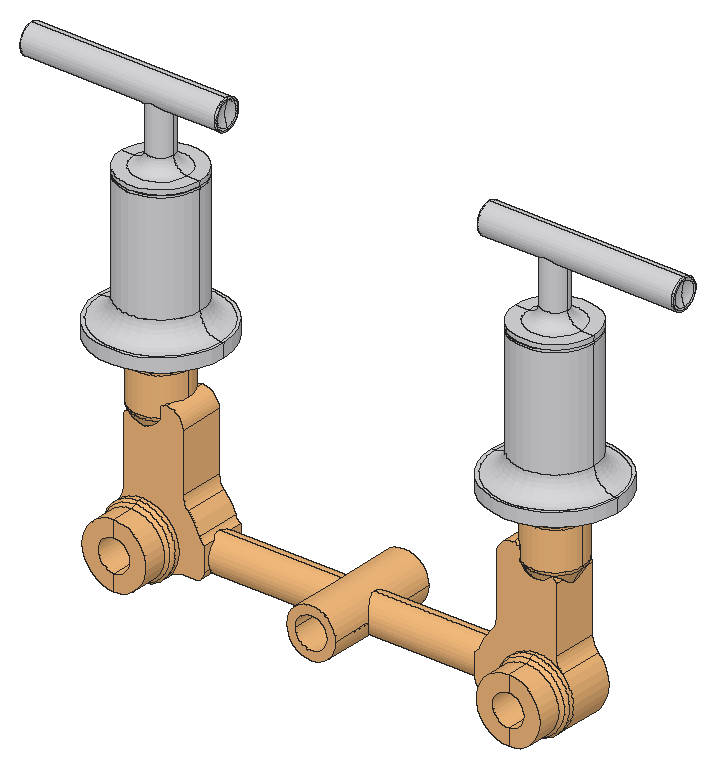
Revit family "Faucet-Handle-KOHLER-Purist-K-11648M_1", category Plumbing Fixtures, host Face, Revit 2017
Family settings
  Host = Face
  Round Connector Dimension = Use Diameter
  Part Type = Normal
  OmniClass Number = 23.31.11.00
  OmniClass Title = Faucets
  Cut with Voids When Loaded = No
  Shared = No
  Room Calculation Point = No
Parameters (values of type "CP-Polished Chrome")
  Width [instance] = Faucet Hole Spacing  # 8.0315"
  WaterSense Certified = 1 = 0  # no
  Waste Water Outlet = "Waste Water Outlet"  # constant formula
  Waste Connection = 1 = 0  # no
  Vent Connection = 1 = 0  # no
  URL = "https://la.kohler.com/es?country=MX"
  Type = 1
  Tempered Water Outlet 2 = "Tempered Water Outlet 2"  # constant formula
  Tempered Water Outlet 1 = "Tempered Water Outlet 1"  # constant formula
  Product Page URL = "https://la.kohler.com/en/product-detail/11648m-4?skuid=K-11648M-4-CP"
  Product Name = "Purist"  # constant formula
  Product Documentation Link = "http://resources.kohler.com/plumbing/kohlerla/pdf/11648T%20Purist%20Spec%20Sheet.pdf"
  Pressure = 0.00 psi
  Model = "K-11648M-4-CP"  # constant formula
  Material = "Premium Metal Construction"  # constant formula
  Master Format 2014 Name = "Residential Faucets, Supplies, and Trim"  # constant formula
  Master Format 2014 = "22 41 39"  # constant formula
  Manufacturer Address = "444 Highland Dr, Kohler, WI 53044"  # constant formula
  Manufacturer = "KOHLER Co."  # constant formula
  Length = 4.76378"  # constant formula
  Hot Water Inlet = "Hot Water Inlet"  # constant formula
  Height = 2.55906"  # constant formula
  Handle Clearance = 2.6378"  # constant formula
  HW Connection = 1 = 1  # yes
  Flow Rate = 0 GPM
  Finish = Kohler-Metal-CP-Polished_Chrome
  Faucet Hole Spacing [instance] = 8.0315"  # constant formula
  Environmental Product Declaration = ""
  Drain Included = 1 = 0  # no
  Description = "Recessed (lever) handle and faucet for 2- handle shower"  # constant formula
  Default Elevation = 36"
  Declare Label = ""
  Date Modified = "10/28/2020"  # constant formula
  Date Created = "10/28/2020"  # constant formula
  Copyright = "Copyright KOHLER Co."  # constant formula
  Contact Us = "https://la.kohler.com/es/contact-us-page"
  Cold Water Inlet = "Cold Water Inlet"  # constant formula
  CW Connection = 1 = 1  # yes
  Assembly Code = "D2010"
  ADA Compliant = 1 = 0  # no
Reference planes (in)
  plane 1 "Center (Front/Back)": y = 0
  plane 2: z = 0
  plane 3 "Center (Left/Right)": x = 0
  plane 4: x = 4.01575
  plane 5: z = 4.76378
  plane 6: x = -4.01575
  plane 7: z = -3.54342
  plane 8: x = 6.65354
  plane 9: x = 2.65445
  plane 10: x = -6.65354
  plane 11: x = -2.66336
  plane 12: y = 1.28
  plane 13: y = -1.27906
  plane 14: z = 0.27
  plane 15: z = 3.062
  plane 16: z = -4.27599
  plane 17: y = 1.169
  plane 18: y = -1.19321
  plane 19: x = 5.29582
  plane 20: x = 2.73567
  plane 21: x = -5.29582
  plane 22: x = -2.73567
  plane 23: x = 4.81589
  plane 24: x = 3.21561
  plane 25: x = -4.81589
  plane 26: x = -3.21561
  plane 27: y = 0.78796
  plane 28: y = -0.81257
Forms (in)
  Revolve 1, void
    sketch origin (0, 0, 0) x (1, 0, 0) y (0, 0, 1)
      loop
        line (-3.37187, 0.04492) -> (-4.01575, 0.04492) -> (-4.01575, -1.13619) -> (-3.37187, -1.13619) -> (-3.37187, 0.04492)
      axis (-4.01575, 0.04492) -> (-4.01575, -1.13619)
    angle from 0 to 360
  Revolve 2, void
    sketch origin (0, 0, 0) x (-1, 0, 0) y (0, 0, 1)
      loop
        line (-3.36303, 0.04492) -> (-4.00691, 0.04492) -> (-4.00691, -1.13619) -> (-3.36303, -1.13619) -> (-3.36303, 0.04492)
      axis (-4.00691, 0.04492) -> (-4.00691, -1.13619)
    angle from 0 to 360
  Extrusion 3, void
    sketch origin (0, 0, 0) x (0, 1, 0) y (0, 0, 1)
      loop
        line (1.2245, -0.90955) -> (-1.233, -0.90955) -> (-1.233, -4.36801) -> (1.2245, -4.36801) -> (1.2245, -0.90955)
    from -4.85944 to 4.90629
Dimensions and locks (in)
  "Length": level to plane 5
  locked: plane 9 to plane 4 at 1.36129
  "Height": plane 13 to plane 12
  "Handle Clearance": plane 10 to plane 6
  "Handle Clearance": plane 4 to plane 8
  "Faucet Hole Spacing": plane 6 to plane 4
  plane 21 to plane 22 = 2.56015"
  plane 20 to plane 19 = 2.56015"
  plane 11 to plane 6 = 1.35239"
  plane 9 to plane 4 = 1.36129"
  aligned and locked: plane 2 to host face
  aligned and locked: level to host face
Automatic sketch dimensions
  host sketch curve to host sketch curve = 96"  (x2)
  Revolve 1 sketch curve to plane 6 = 0"  (x2)
  level to Revolve 1 sketch curve = 0.04492"
  plane 6 to Revolve 1 sketch curve = 0.64388"
  Revolve 1 sketch curve to level = 1.13619"
  Revolve 1 sketch curve to Revolve 1 sketch curve = 0"
  Revolve 1 sketch curve to Revolve 1 sketch curve = 1.1811"
  Revolve 2 sketch curve to plane 4 = 0.00883"
  Revolve 2 sketch curve to level = 0.04492"
  Revolve 2 sketch curve to Revolve 2 sketch curve = 0.64388"
  level to Revolve 2 sketch curve = 1.13619"
  Revolve 2 sketch curve to Revolve 2 sketch curve = 0"  (x2)
  Revolve 2 sketch curve to Revolve 2 sketch curve = 1.1811"
  plane 1 "Center (Front/Back)" to Extrusion 3 sketch curve = 1.233"
  Extrusion 3 sketch curve to plane 1 "Center (Front/Back)" = 1.2245"
  Extrusion 3 sketch curve to plane 7 = 0.82458"
  plane 7 to Extrusion 3 sketch curve = 2.63388"
Nested families (in)
  nested 1: "K-11648M" at (0, -0.0121, 0), type "K-11648M"
Connectors (in)
  piping at (-4.01582, -1.19321, -3.54342), diameter 0.5, driven by "HW Connection", driven by "Hot Water Inlet", driven by "Flow Rate"
    settings: on nested 1, index 1, connector inside diameter 24", connector length 0", flow factor 0, pipe flow 0 GPM, pressure drop 0.00 psi, fitting loss kfactor 0, connector angle 0.00°, fixture units 0, engagement length 0", angle of deflection 0.00°, flow configuration 0, flow direction 1, fitting loss method 0, system type 19, joint type 0, gender type 0, connector reference index -1, connector utility 1, adjustable connector no, is connector primary yes, connector description "Hot Water Inlet"
  piping at (0, -1.19321, -3.54342), diameter 0.5, driven by "HW Connection", driven by "Tempered Water Outlet 2", driven by "Flow Rate"
    settings: on nested 1, index 2, connector inside diameter 24", connector length 0", flow factor 0, pipe flow 0 GPM, pressure drop 0.00 psi, fitting loss kfactor 0, connector angle 0.00°, fixture units 0, engagement length 0", angle of deflection 0.00°, flow configuration 0, flow direction 2, fitting loss method 0, system type 19, joint type 0, gender type 0, connector reference index -1, connector utility 1, adjustable connector no, is connector primary no, connector description "Tempered Water Outlet 2"
  piping at (4.01582, -1.19321, -3.54342), diameter 0.5, driven by "CW Connection", driven by "Cold Water Inlet", driven by "Flow Rate"
    settings: on nested 1, index 3, connector inside diameter 24", connector length 0", flow factor 0, pipe flow 0 GPM, pressure drop 0.00 psi, fitting loss kfactor 0, connector angle 0.00°, fixture units 0, engagement length 0", angle of deflection 0.00°, flow configuration 0, flow direction 1, fitting loss method 0, system type 20, joint type 0, gender type 0, connector reference index -1, connector utility 1, adjustable connector no, is connector primary no, connector description "Cold Water Inlet"
  piping at (0, 1.169, -3.54342), diameter 0.5, driven by "HW Connection", driven by "Tempered Water Outlet 1", driven by "Flow Rate"
    settings: on nested 1, index 4, connector inside diameter 24", connector length 0", flow factor 0, pipe flow 0 GPM, pressure drop 0.00 psi, fitting loss kfactor 0, connector angle 0.00°, fixture units 0, engagement length 0", angle of deflection 0.00°, flow configuration 0, flow direction 2, fitting loss method 0, system type 19, joint type 0, gender type 0, connector reference index -1, connector utility 1, adjustable connector no, is connector primary no, connector description "Tempered Water Outlet 1"
Definition of nested family "K-11648M"
  Parameters (values of type "K-11648M")
    Material = none
  Reference planes (in)
    plane 1 "Center (Front/Back)": y = 0
    plane 2: z = 0
    plane 3 "Center (Left/Right)": x = 0
    plane 4: x = -4.01582
    plane 5: x = 4.01582
    plane 6: z = -3.54342
    plane 7: x = 5.29582
    plane 8: z = 4.76205
    plane 9: x = 6.65362
    plane 10: x = 2.66336
    plane 11: x = -5.29582
    plane 12: x = -6.65362
    plane 13: x = -2.66336
    plane 14: y = -1.28
    plane 15: y = 1.28
  Forms (in)
    Revolve 1, solid
      sketch origin (0, 0, 0) x (1, 0, 0) y (0, 0, 1)
        loop
          line (4.01582, 0) -> (4.01582, -1.67475) -> (4.34812, -1.67475) -> (4.57063, -1.28737)
          arc (4.57063, -1.28737) -> (4.58255, -1.25846) -> (4.58661, -1.22745) r 0.12029
          line (4.58661, -1.22745) -> (4.58661, -0.45154)
          arc (4.58661, -0.45154) -> (4.605, -0.40097) -> (4.65156, -0.37402) r 0.07874
          line (4.65156, -0.37402) -> (4.65156, 0) -> (4.01582, 0)
        axis (4.01582, 0) -> (4.01582, -1.67475)
      angle from 0 to 360
    Extrusion 2, solid
      sketch origin (0, 0, 0) x (1, 0, 0) y (0, 0, 1)
        loop
          arc (4.40945, -1.42001) -> (4.34252, -1.32422) -> (4.22954, -1.35412) r 0.10202
          arc (4.22954, -1.35412) -> (3.98808, -1.4645) -> (3.74914, -1.34876) r 0.31172
          arc (3.74914, -1.34876) -> (3.69291, -1.24208) -> (3.68137, -1.12205) r 0.31172
          arc (3.68137, -1.12205) -> (3.64045, -1.0025) -> (3.52329, -0.95517) r 0.15203
          arc (3.52329, -0.95517) -> (3.2869, -1.05309) -> (3.18898, -1.28948) r 0.33432
          line (3.18898, -1.28948) -> (3.18898, -2.4665)
          arc (3.18898, -2.4665) -> (3.16319, -2.60485) -> (3.08928, -2.72462) r 0.38397
          arc (3.08928, -2.72462) -> (2.95369, -2.90694) -> (2.85612, -3.11215) r 1.16353
          arc (2.85612, -3.11215) -> (2.81549, -3.18468) -> (2.7536, -3.24018) r 0.2537
          line (2.7536, -3.24018) -> (2.7536, -3.72356)
          arc (2.7536, -3.72356) -> (2.81035, -3.86057) -> (2.94736, -3.91732) r 0.19377
          line (2.94736, -3.91732) -> (3.14662, -3.91732)
          arc (3.14662, -3.91732) -> (3.33734, -3.95513) -> (3.49922, -4.06282) r 0.5
          arc (3.49922, -4.06282) -> (4.53682, -4.0584) -> (4.52918, -3.02082) r 0.73256
          arc (4.52918, -3.02082) -> (4.44059, -2.89015) -> (4.40945, -2.73538) r 0.40011
          line (4.40945, -2.73538) -> (4.40945, -1.42001)
      from -0.45276 to 0.45276
    Revolve 3, solid
      sketch origin (4.01582, 0, 0) x (0, 1, 0) y (0, 0, 1)
        loop
          line (-1.1811, -3.86585) -> (-1.1811, -4.19681) -> (-0.72573, -4.19681)
          arc (-0.72573, -4.19681) -> (-0.67247, -4.20918) -> (-0.62787, -4.24083) r 0.14147
          arc (-0.62787, -4.24083) -> (-0.59057, -4.26682) -> (-0.54605, -4.27599) r 0.11279
          line (-0.54605, -4.27599) -> (-0.45276, -4.27599) -> (-0.45276, -3.86585) -> (-1.1811, -3.86585)
        axis (-0.45276, -3.54342) -> (-1.1811, -3.54342)
      angle from 0 to 360
    Revolve 4, solid
      sketch origin (0, 0, 0) x (1, 0, 0) y (0, 0, 1)
        loop
          line (3.14662, -3.54342) -> (0, -3.54342) -> (0, -3.91732) -> (3.14662, -3.91732) -> (3.14662, -3.54342)
        axis (3.14662, -3.54342) -> (0, -3.54342)
      angle from 0 to 360
    Extrusion 5, solid
      sketch origin (0, 0, 0) x (1, 0, 0) y (0, 0, 1)
        loop
          circle (0, -3.54342) r 0.5
      from -1.1811 to 1.1811
    Extrusion 6, void
      sketch origin (0, 0, 0) x (1, 0, 0) y (0, 0, 1)
        loop
          circle (0, -3.54342) r 0.32537
      from -1.82522 to 2.0337
    Revolve 7, solid
      sketch origin (0, 0, 0) x (-1, 0, 0) y (0, 0, 1)
        loop
          line (3.14662, -3.54342) -> (0, -3.54342) -> (0, -3.91732) -> (3.14662, -3.91732) -> (3.14662, -3.54342)
        axis (3.14662, -3.54342) -> (0, -3.54342)
      angle from 0 to 360
    Extrusion 8, solid
      sketch origin (0, 0, 0) x (-1, 0, 0) y (0, 0, -1)
        loop
          line (4.40945, 1.42001) -> (4.40945, 2.73538)
          arc (4.40945, 2.73538) -> (4.44059, 2.89015) -> (4.52918, 3.02082) r 0.40011
          arc (4.52918, 3.02082) -> (4.53682, 4.0584) -> (3.49922, 4.06282) r 0.73256
          arc (3.49922, 4.06282) -> (3.33734, 3.95513) -> (3.14662, 3.91732) r 0.5
          line (3.14662, 3.91732) -> (2.94736, 3.91732)
          arc (2.94736, 3.91732) -> (2.81035, 3.86057) -> (2.7536, 3.72356) r 0.19377
          line (2.7536, 3.72356) -> (2.7536, 3.24018)
          arc (2.7536, 3.24018) -> (2.81549, 3.18468) -> (2.85612, 3.11215) r 0.2537
          arc (2.85612, 3.11215) -> (2.95369, 2.90694) -> (3.08928, 2.72462) r 1.16353
          arc (3.08928, 2.72462) -> (3.16319, 2.60485) -> (3.18898, 2.4665) r 0.38397
          line (3.18898, 2.4665) -> (3.18898, 1.28948)
          arc (3.18898, 1.28948) -> (3.2869, 1.05309) -> (3.52329, 0.95517) r 0.33432
          arc (3.52329, 0.95517) -> (3.64045, 1.0025) -> (3.68137, 1.12205) r 0.15203
          arc (3.68137, 1.12205) -> (3.69291, 1.24208) -> (3.74914, 1.34876) r 0.31172
          arc (3.74914, 1.34876) -> (3.98808, 1.4645) -> (4.22954, 1.35412) r 0.31172
          arc (4.22954, 1.35412) -> (4.34252, 1.32422) -> (4.40945, 1.42001) r 0.10202
      from -0.45276 to 0.45276
    Revolve 9, solid
      sketch origin (0, 0, 0) x (-1, 0, 0) y (0, 0, 1)
        loop
          line (4.01582, 0) -> (4.01582, -1.67475) -> (4.34812, -1.67475) -> (4.57063, -1.28737)
          arc (4.57063, -1.28737) -> (4.58255, -1.25846) -> (4.58661, -1.22745) r 0.12029
          line (4.58661, -1.22745) -> (4.58661, -0.45154)
          arc (4.58661, -0.45154) -> (4.605, -0.40097) -> (4.65156, -0.37402) r 0.07874
          line (4.65156, -0.37402) -> (4.65156, 0) -> (4.01582, 0)
        axis (4.01582, 0) -> (4.01582, -1.67475)
      angle from 0 to 360
    Revolve 10, solid
      sketch origin (-4.01582, 0, 0) x (0, 1, 0) y (0, 0, -1)
        loop
          line (-1.1811, 3.86585) -> (-0.45276, 3.86585) -> (-0.45276, 4.27599) -> (-0.54605, 4.27599)
          arc (-0.54605, 4.27599) -> (-0.59057, 4.26682) -> (-0.62787, 4.24083) r 0.11279
          arc (-0.62787, 4.24083) -> (-0.67247, 4.20918) -> (-0.72573, 4.19681) r 0.14147
          line (-0.72573, 4.19681) -> (-1.1811, 4.19681) -> (-1.1811, 3.86585)
        axis (-0.45276, 3.54342) -> (-1.1811, 3.54342)
      angle from 0 to 360
    Revolve 11, solid, material <- "Material", detail levels medium+fine
      sketch origin (0, 0, 0) x (1, 0, 0) y (0, 0, 1)
        loop
          line (4.01582, 0) -> (5.29582, 0) -> (5.29582, 0.27) -> (5.23431, 0.27)
          arc (5.23431, 0.27) -> (4.93844, 0.39255) -> (4.81589, 0.68842) r 0.41842
          line (4.81589, 0.68842) -> (4.81589, 2.917) -> (4.01582, 2.917) -> (4.01582, 0)
        axis (4.01582, 2.917) -> (4.01582, 0)
      angle from 0 to 360
    Revolve 12, solid, material <- "Material", detail levels medium+fine
      sketch origin (0, 0, 0) x (1, 0, 0) y (0, 0, 1)
        loop
          line (4.81307, 2.95834) -> (4.74075, 2.95834) -> (4.74075, 3.01092) -> (4.01582, 3.01092) -> (4.01582, 2.917) -> (4.81307, 2.917) -> (4.81307, 2.95834)
        axis (4.01582, 3.01092) -> (4.01582, 2.917)
      angle from 0 to 360
    Revolve 13, solid, material <- "Material", detail levels medium+fine
      sketch origin (0, 0, 0) x (1, 0, 0) y (0, 0, 1)
        loop
          line (4.81582, 2.972) -> (4.81582, 3.062) -> (4.55477, 3.062)
          arc (4.55477, 3.062) -> (4.35762, 3.14366) -> (4.27596, 3.34081) r 0.27881
          line (4.27596, 3.34081) -> (4.27596, 4.32713) -> (4.01582, 4.32713) -> (4.01582, 2.972) -> (4.81582, 2.972)
        axis (4.01582, 4.32713) -> (4.01582, 2.972)
      angle from 0 to 360
    Revolve 14, solid, material <- "Material", detail levels medium+fine
      sketch origin (0, 0, 0) x (-1, 0, 0) y (0, 0, 1)
        loop
          line (4.01582, 0) -> (5.29582, 0) -> (5.29582, 0.27) -> (5.23431, 0.27)
          arc (5.23431, 0.27) -> (4.93844, 0.39255) -> (4.81589, 0.68842) r 0.41842
          line (4.81589, 0.68842) -> (4.81589, 2.917) -> (4.01582, 2.917) -> (4.01582, 0)
        axis (4.01582, 2.917) -> (4.01582, 0)
      angle from 0 to 360
    Revolve 15, solid, material <- "Material", detail levels medium+fine
      sketch origin (0, 0, 0) x (-1, 0, 0) y (0, 0, 1)
        loop
          line (4.81307, 2.95834) -> (4.74075, 2.95834) -> (4.74075, 3.01092) -> (4.01582, 3.01092) -> (4.01582, 2.917) -> (4.81307, 2.917) -> (4.81307, 2.95834)
        axis (4.01582, 3.01092) -> (4.01582, 2.917)
      angle from 0 to 360
    Revolve 16, solid, material <- "Material", detail levels medium+fine
      sketch origin (0, 0, 0) x (-1, 0, 0) y (0, 0, 1)
        loop
          line (4.81582, 2.972) -> (4.81582, 3.062) -> (4.55477, 3.062)
          arc (4.55477, 3.062) -> (4.35762, 3.14366) -> (4.27596, 3.34081) r 0.27881
          line (4.27596, 3.34081) -> (4.27596, 4.32713) -> (4.01582, 4.32713) -> (4.01582, 2.972) -> (4.81582, 2.972)
        axis (4.01582, 4.32713) -> (4.01582, 2.972)
      angle from 0 to 360
    Revolve 17, solid, material <- "Material", detail levels medium+fine
      sketch origin (-4.01542, 0, 0) x (1, 0, 0) y (0, 0, -1)
        loop
          line (1.29453, -4.4613) -> (-2.58102, -4.4613)
          arc (-2.58102, -4.4613) -> (-2.58587, -4.58565) -> (-2.62795, -4.70276) r 0.40843
          arc (-2.62795, -4.70276) -> (-2.63545, -4.7219) -> (-2.638, -4.7423) r 0.0828
          arc (-2.638, -4.7423) -> (-2.63222, -4.75626) -> (-2.61825, -4.76205) r 0.01975
          line (-2.61825, -4.76205) -> (1.33176, -4.76205)
          arc (1.33176, -4.76205) -> (1.34594, -4.75628) -> (1.35206, -4.74226) r 0.02031
          arc (1.35206, -4.74226) -> (1.34813, -4.72363) -> (1.34287, -4.70533) r 0.26479
          arc (1.34287, -4.70533) -> (1.31136, -4.58477) -> (1.29453, -4.4613) r 1.03738
        axis (-2.638, -4.4613) -> (1.35206, -4.4613)
      angle from 0 to 360
    Revolve 18, solid, material <- "Material", detail levels medium+fine
      sketch origin (4.01542, 0, 0) x (-1, 0, 0) y (0, 0, 1)
        loop
          arc (1.29453, 4.4613) -> (1.31136, 4.58477) -> (1.34287, 4.70533) r 1.03738
          arc (1.34287, 4.70533) -> (1.34813, 4.72363) -> (1.35206, 4.74226) r 0.26479
          arc (1.35206, 4.74226) -> (1.34594, 4.75628) -> (1.33176, 4.76205) r 0.02031
          line (1.33176, 4.76205) -> (-2.61825, 4.76205)
          arc (-2.61825, 4.76205) -> (-2.63222, 4.75626) -> (-2.638, 4.7423) r 0.01975
          arc (-2.638, 4.7423) -> (-2.63545, 4.7219) -> (-2.62795, 4.70276) r 0.0828
          arc (-2.62795, 4.70276) -> (-2.58587, 4.58565) -> (-2.58102, 4.4613) r 0.40843
          line (-2.58102, 4.4613) -> (1.29453, 4.4613)
        axis (-2.638, 4.4613) -> (1.35206, 4.4613)
      angle from 0 to 360
    Revolve 19, solid, material <- "Material", detail levels coarse
      sketch origin (0, 0, 0) x (1, 0, 0) y (0, 0, 1)
        loop
          line (-4.01582, 0) -> (-4.01582, 4.29651) -> (-4.27596, 4.29651) -> (-4.27596, 3.34129) -> (-4.81589, 3.34129) -> (-4.81589, 0.69163) -> (-5.29582, 0.69163) -> (-5.29582, 0) -> (-4.01582, 0)
        axis (-4.01582, 4.29651) -> (-4.01582, 0)
      angle from 0 to 360
    Revolve 20, solid, material <- "Material", detail levels coarse
      sketch origin (0, 0, 0) x (1, 0, 0) y (0, 0, 1)
        loop
          line (-6.65362, 4.46172) -> (-2.66336, 4.46172) -> (-2.66336, 4.85542) -> (-6.65362, 4.85542) -> (-6.65362, 4.46172)
        axis (-6.65362, 4.46172) -> (-2.66336, 4.46172)
      angle from 0 to 360
    Revolve 21, solid, material <- "Material", detail levels coarse
      sketch origin (0, 0, 0) x (-1, 0, 0) y (0, 0, 1)
        loop
          line (-6.65362, 4.46172) -> (-2.66336, 4.46172) -> (-2.66336, 4.85542) -> (-6.65362, 4.85542) -> (-6.65362, 4.46172)
        axis (-6.65362, 4.46172) -> (-2.66336, 4.46172)
      angle from 0 to 360
    Revolve 22, solid, material <- "Material", detail levels coarse
      sketch origin (0, 0, 0) x (-1, 0, 0) y (0, 0, 1)
        loop
          line (-4.01582, 0) -> (-4.01582, 4.29651) -> (-4.27596, 4.29651) -> (-4.27596, 3.34129) -> (-4.81589, 3.34129) -> (-4.81589, 0.69163) -> (-5.29582, 0.69163) -> (-5.29582, 0) -> (-4.01582, 0)
        axis (-4.01582, 4.29651) -> (-4.01582, 0)
      angle from 0 to 360
  Cuts and joins
    Extrusion 6 cuts Revolve 1
    Extrusion 6 cuts Extrusion 2
    Extrusion 6 cuts Revolve 3
    Extrusion 6 cuts Revolve 4
    Extrusion 6 cuts Extrusion 5
    Extrusion 6 cuts Revolve 7
    Extrusion 6 cuts Extrusion 8
    Extrusion 6 cuts Revolve 9
    Extrusion 6 cuts Revolve 10
    joined: Revolve 1, Extrusion 2, Revolve 3, Revolve 4, Extrusion 5, Revolve 7, Extrusion 8, Revolve 9, Revolve 10
    joined: Revolve 12, Revolve 13, Revolve 15, Revolve 16, Revolve 17, Revolve 18
    joined: Revolve 19, Revolve 20, Revolve 21, Revolve 22
    joined: Revolve 11, Revolve 14
  Lines and regions (in)
    Masking region 1, detail levels medium+fine
      outline origin (0, 0, 0) x (1, 0, 0) y (0, 0, 1)
        loop
          line (4.65156, 0) -> (3.38008, 0) -> (3.38008, -0.37402)
          arc (3.38008, -0.37402) -> (3.42665, -0.40097) -> (3.44503, -0.45154) r 0.07874
          line (3.44503, -0.45154) -> (3.44503, -0.96446)
          arc (3.44503, -0.96446) -> (3.26068, -1.0826) -> (3.18898, -1.28948) r 0.33432
          line (3.18898, -1.28948) -> (3.18898, -2.4665)
          arc (3.18898, -2.4665) -> (3.16319, -2.60485) -> (3.08928, -2.72462) r 0.38397
          arc (3.08928, -2.72462) -> (2.95369, -2.90694) -> (2.85612, -3.11215) r 1.16353
          arc (2.85612, -3.11215) -> (2.84326, -3.14177) -> (2.82673, -3.16952) r 0.2537
          line (2.82673, -3.16952) -> (0.33196, -3.16952)
          arc (0.33196, -3.16952) -> (0, -3.04342) -> (-0.33196, -3.16952) r 0.5
          line (-0.33196, -3.16952) -> (-2.82527, -3.16952)
          arc (-2.82527, -3.16952) -> (-2.8418, -3.14177) -> (-2.85467, -3.11215) r 0.2537
          arc (-2.85467, -3.11215) -> (-2.95223, -2.90694) -> (-3.08782, -2.72462) r 1.16353
          arc (-3.08782, -2.72462) -> (-3.16173, -2.60485) -> (-3.18752, -2.4665) r 0.38397
          line (-3.18752, -2.4665) -> (-3.18752, -1.28948)
          arc (-3.18752, -1.28948) -> (-3.25969, -1.08201) -> (-3.44503, -0.96411) r 0.33432
          line (-3.44503, -0.96411) -> (-3.44503, -0.45154)
          arc (-3.44503, -0.45154) -> (-3.42665, -0.40097) -> (-3.38008, -0.37402) r 0.07874
          line (-3.38008, -0.37402) -> (-3.38008, 0) -> (-4.65156, 0) -> (-4.65156, -0.37402)
          arc (-4.65156, -0.37402) -> (-4.605, -0.40097) -> (-4.58661, -0.45154) r 0.07874
          line (-4.58661, -0.45154) -> (-4.58661, -1.22745)
          arc (-4.58661, -1.22745) -> (-4.58255, -1.25846) -> (-4.57063, -1.28737) r 0.12029
          line (-4.57063, -1.28737) -> (-4.40945, -1.56798) -> (-4.40945, -2.73538)
          arc (-4.40945, -2.73538) -> (-4.44059, -2.89015) -> (-4.52918, -3.02082) r 0.40011
          arc (-4.52918, -3.02082) -> (-4.53682, -4.0584) -> (-3.49922, -4.06282) r 0.73256
          arc (-3.49922, -4.06282) -> (-3.33734, -3.95513) -> (-3.14662, -3.91732) r 0.5
          line (-3.14662, -3.91732) -> (-2.94452, -3.91732) -> (-0.33196, -3.91732)
          arc (-0.33196, -3.91732) -> (0, -4.04342) -> (0.33196, -3.91732) r 0.5
          line (0.33196, -3.91732) -> (2.94452, -3.91732) -> (3.14662, -3.91732)
          arc (3.14662, -3.91732) -> (3.33734, -3.95513) -> (3.49922, -4.06282) r 0.5
          arc (3.49922, -4.06282) -> (4.53682, -4.0584) -> (4.52918, -3.02082) r 0.73256
          arc (4.52918, -3.02082) -> (4.44059, -2.89015) -> (4.40945, -2.73538) r 0.40011
          line (4.40945, -2.73538) -> (4.40945, -1.56798) -> (4.57063, -1.28737)
          arc (4.57063, -1.28737) -> (4.58255, -1.25846) -> (4.58661, -1.22745) r 0.12029
          line (4.58661, -1.22745) -> (4.58661, -0.45154)
          arc (4.58661, -0.45154) -> (4.605, -0.40097) -> (4.65156, -0.37402) r 0.07874
          line (4.65156, -0.37402) -> (4.65156, 0)
    Masking region 2
      outline origin (0, 0, 0) x (0, 1, 0) y (0, 0, 1)
        loop
          line (-0.63574, 0) -> (-0.63574, -0.37402)
          arc (-0.63574, -0.37402) -> (-0.58917, -0.40097) -> (-0.57079, -0.45154) r 0.07874
          line (-0.57079, -0.45154) -> (-0.57079, -1.22745)
          arc (-0.57079, -1.22745) -> (-0.56673, -1.25846) -> (-0.55481, -1.28737) r 0.12029
          line (-0.55481, -1.28737) -> (-0.45276, -1.46503) -> (-0.45276, -2.81086) -> (-0.54605, -2.81086)
          arc (-0.54605, -2.81086) -> (-0.59057, -2.82002) -> (-0.62787, -2.84602) r 0.11279
          arc (-0.62787, -2.84602) -> (-0.67247, -2.87766) -> (-0.72573, -2.89003) r 0.14147
          line (-0.72573, -2.89003) -> (-1.1811, -2.89003) -> (-1.1811, -4.19681) -> (-0.72573, -4.19681)
          arc (-0.72573, -4.19681) -> (-0.67247, -4.20918) -> (-0.62787, -4.24083) r 0.14147
          arc (-0.62787, -4.24083) -> (-0.59057, -4.26682) -> (-0.54605, -4.27599) r 0.11279
          line (-0.54605, -4.27599) -> (-0.45276, -4.27599) -> (0.45276, -4.27599) -> (0.45276, -4.04342) -> (1.1811, -4.04342) -> (1.1811, -3.04342) -> (0.45276, -3.04342) -> (0.45276, -1.46503) -> (0.55481, -1.28737)
          arc (0.55481, -1.28737) -> (0.56673, -1.25846) -> (0.57079, -1.22745) r 0.12029
          line (0.57079, -1.22745) -> (0.57079, -0.45154)
          arc (0.57079, -0.45154) -> (0.58917, -0.40097) -> (0.63574, -0.37402) r 0.07874
          line (0.63574, -0.37402) -> (0.63574, 0) -> (0, 0) -> (-0.63574, 0)
    Masking region 3
      outline origin (0, 0, 0) x (1, 0, 0) y (0, 0, 1)
        loop
          line (5.29582, 0) -> (5.29582, 0.27) -> (5.23752, 0.27)
          arc (5.23752, 0.27) -> (4.93938, 0.39349) -> (4.81589, 0.69163) r 0.42163
          line (4.81589, 0.69163) -> (4.81589, 2.95834) -> (4.74075, 2.95834) -> (4.76876, 2.972) -> (4.81582, 2.972) -> (4.81582, 3.062) -> (4.55525, 3.062)
          arc (4.55525, 3.062) -> (4.35776, 3.1438) -> (4.27596, 3.34129) r 0.27929
          line (4.27596, 3.34129) -> (4.27596, 4.16055) -> (6.63298, 4.16055)
          arc (6.63298, 4.16055) -> (6.64744, 4.16654) -> (6.65343, 4.181) r 0.02045
          line (6.65343, 4.181) -> (6.65343, 4.74244)
          arc (6.65343, 4.74244) -> (6.64768, 4.7563) -> (6.63382, 4.76205) r 0.0196
          line (6.63382, 4.76205) -> (2.6838, 4.76205)
          arc (2.6838, 4.76205) -> (2.66935, 4.75606) -> (2.66336, 4.7416) r 0.02044
          line (2.66336, 4.7416) -> (2.66336, 4.18081)
          arc (2.66336, 4.18081) -> (2.66929, 4.16649) -> (2.68362, 4.16055) r 0.02025
          line (2.68362, 4.16055) -> (3.75568, 4.16055) -> (3.75568, 3.34129)
          arc (3.75568, 3.34129) -> (3.67388, 3.1438) -> (3.4764, 3.062) r 0.27929
          line (3.4764, 3.062) -> (3.21582, 3.062) -> (3.21582, 2.972) -> (3.26289, 2.972) -> (3.2909, 2.95834) -> (3.21576, 2.95834) -> (3.21576, 0.69163)
          arc (3.21576, 0.69163) -> (3.09226, 0.39349) -> (2.79412, 0.27) r 0.42163
          line (2.79412, 0.27) -> (2.73582, 0.27) -> (2.73582, 0) -> (5.29582, 0)
        loop
          line (-5.29582, 0) -> (-2.73582, 0) -> (-2.73582, 0.27) -> (-2.79412, 0.27)
          arc (-2.79412, 0.27) -> (-3.09226, 0.39349) -> (-3.21576, 0.69163) r 0.42163
          line (-3.21576, 0.69163) -> (-3.21576, 2.95834) -> (-3.2909, 2.95834) -> (-3.26289, 2.972) -> (-3.21582, 2.972) -> (-3.21582, 3.062) -> (-3.4764, 3.062)
          arc (-3.4764, 3.062) -> (-3.67388, 3.1438) -> (-3.75568, 3.34129) r 0.27929
          line (-3.75568, 3.34129) -> (-3.75568, 4.16055) -> (-2.68362, 4.16055)
          arc (-2.68362, 4.16055) -> (-2.66929, 4.16649) -> (-2.66336, 4.18081) r 0.02025
          line (-2.66336, 4.18081) -> (-2.66336, 4.7416)
          arc (-2.66336, 4.7416) -> (-2.66935, 4.75606) -> (-2.6838, 4.76205) r 0.02044
          line (-2.6838, 4.76205) -> (-6.63382, 4.76205)
          arc (-6.63382, 4.76205) -> (-6.64768, 4.7563) -> (-6.65343, 4.74244) r 0.0196
          line (-6.65343, 4.74244) -> (-6.65343, 4.181)
          arc (-6.65343, 4.181) -> (-6.64744, 4.16654) -> (-6.63298, 4.16055) r 0.02045
          line (-6.63298, 4.16055) -> (-4.27596, 4.16055) -> (-4.27596, 3.34129)
          arc (-4.27596, 3.34129) -> (-4.35776, 3.1438) -> (-4.55525, 3.062) r 0.27929
          line (-4.55525, 3.062) -> (-4.81582, 3.062) -> (-4.81582, 2.972) -> (-4.76876, 2.972) -> (-4.74075, 2.95834) -> (-4.81589, 2.95834) -> (-4.81589, 0.69163)
          arc (-4.81589, 0.69163) -> (-4.93938, 0.39349) -> (-5.23752, 0.27) r 0.42163
          line (-5.23752, 0.27) -> (-5.29582, 0.27) -> (-5.29582, 0)
    Masking region 4
      outline origin (0, 0, 0) x (1, 0, 0) y (0, 1, 0)
        loop
          line (-5.25999, 0.30076) -> (-6.63391, 0.30076)
          arc (-6.63391, 0.30076) -> (-6.64785, 0.29499) -> (-6.65362, 0.28105) r 0.0197
          line (-6.65362, 0.28105) -> (-6.65362, -0.28105)
          arc (-6.65362, -0.28105) -> (-6.64785, -0.29499) -> (-6.63391, -0.30076) r 0.0197
          line (-6.63391, -0.30076) -> (-5.25999, -0.30076)
          arc (-5.25999, -0.30076) -> (-4.01576, -1.28) -> (-2.77163, -0.30064) r 1.28
          line (-2.77163, -0.30064) -> (-2.68386, -0.30064)
          arc (-2.68386, -0.30064) -> (-2.66937, -0.29464) -> (-2.66336, -0.28014) r 0.0205
          line (-2.66336, -0.28014) -> (-2.66336, 0) -> (-2.66336, 0.28014)
          arc (-2.66336, 0.28014) -> (-2.66937, 0.29464) -> (-2.68386, 0.30064) r 0.0205
          line (-2.68386, 0.30064) -> (-2.77163, 0.30064)
          arc (-2.77163, 0.30064) -> (-4.01576, 1.28) -> (-5.25999, 0.30076) r 1.28
        loop
          arc (5.25999, 0.30076) -> (4.01576, 1.28) -> (2.77163, 0.30064) r 1.28
          line (2.77163, 0.30064) -> (2.68386, 0.30064)
          arc (2.68386, 0.30064) -> (2.66937, 0.29464) -> (2.66336, 0.28014) r 0.0205
          line (2.66336, 0.28014) -> (2.66336, 0) -> (2.66336, -0.28014)
          arc (2.66336, -0.28014) -> (2.66937, -0.29464) -> (2.68386, -0.30064) r 0.0205
          line (2.68386, -0.30064) -> (2.77163, -0.30064)
          arc (2.77163, -0.30064) -> (4.01576, -1.28) -> (5.25999, -0.30076) r 1.28
          line (5.25999, -0.30076) -> (6.63391, -0.30076)
          arc (6.63391, -0.30076) -> (6.64785, -0.29499) -> (6.65362, -0.28105) r 0.0197
          line (6.65362, -0.28105) -> (6.65362, 0.28105)
          arc (6.65362, 0.28105) -> (6.64785, 0.29499) -> (6.63391, 0.30076) r 0.0197
          line (6.63391, 0.30076) -> (5.25999, 0.30076)
    Masking region 5
      outline origin (0, 0, 0) x (0, 1, 0) y (0, 0, 1)
        loop
          line (1.28, 0) -> (1.28, 0.27) -> (1.2217, 0.27)
          arc (1.2217, 0.27) -> (0.92356, 0.39349) -> (0.80007, 0.69163) r 0.42163
          line (0.80007, 0.69163) -> (0.80007, 2.95834) -> (0.72493, 2.95834) -> (0.75294, 2.972) -> (0.8, 2.972) -> (0.8, 3.062) -> (0.53943, 3.062)
          arc (0.53943, 3.062) -> (0.34194, 3.1438) -> (0.26014, 3.34129) r 0.27929
          line (0.26014, 3.34129) -> (0.26014, 4.31038)
          arc (0.26014, 4.31038) -> (0, 4.76277) -> (-0.26014, 4.31038) r 0.30099
          line (-0.26014, 4.31038) -> (-0.26014, 3.34129)
          arc (-0.26014, 3.34129) -> (-0.34194, 3.1438) -> (-0.53943, 3.062) r 0.27929
          line (-0.53943, 3.062) -> (-0.8, 3.062) -> (-0.8, 2.972) -> (-0.75294, 2.972) -> (-0.72493, 2.95834) -> (-0.80007, 2.95834) -> (-0.80007, 0.69163)
          arc (-0.80007, 0.69163) -> (-0.92356, 0.39349) -> (-1.2217, 0.27) r 0.42163
          line (-1.2217, 0.27) -> (-1.28, 0.27) -> (-1.28, 0) -> (1.28, 0)
    symbolic lines, detail levels medium+fine
      curve 1: arc (3.49922, 0, -4.06282) -> (3.49643, 0, -3.02682) -> (4.53242, 0, -3.02403) r 0.73256
      curve 2: circle (4.01582, 0, -3.54342) r 0.65339 normal (0, 1, 0)
      curve 3: arc (0.33196, 0, -3.91732) -> (0.5, 0, -3.54342) -> (0.33196, 0, -3.16952) r 0.5
      curve 4: arc (-0.33196, 0, -3.16952) -> (-0.5, 0, -3.54342) -> (-0.33196, 0, -3.91732) r 0.5
      curve 5: arc (-3.49922, 0, -4.06282) -> (-3.49643, 0, -3.02682) -> (-4.53242, 0, -3.02403) r 0.73256
      curve 6: circle (-4.01582, 0, -3.54342) r 0.65339 normal (0, -1, 0)
      curve 7: line (0, 0.45276, -4.04342) -> (0, 0.45276, -3.04342)
      curve 17: line (4.57292, 0, 3.062) -> (3.4764, 0, 3.062)
      curve 18: line (4.77104, 0, 2.972) -> (3.26289, 0, 2.972)
      curve 19: line (4.81589, 0, 2.95834) -> (3.21502, 0, 2.95834)
      curve 20: line (4.81589, 0, 2.917) -> (3.21576, 0, 2.917)
      curve 21: line (5.23752, 0, 0.27) -> (2.79412, 0, 0.27)
      curve 22: line (4.27596, 0, 4.16055) -> (3.75568, 0, 4.16055)
      curve 23: line (-4.5626, 0, 3.062) -> (-3.45249, 0, 3.062)
      curve 24: line (-4.76876, 0, 2.972) -> (-3.26289, 0, 2.972)
      curve 25: line (-4.81589, 0, 2.95834) -> (-3.21576, 0, 2.95834)
      curve 26: line (-4.81589, 0, 2.917) -> (-3.21576, 0, 2.917)
      curve 27: line (-5.23752, 0, 0.27) -> (-2.77686, 0, 0.27)
      curve 28: line (-4.27596, 0, 4.16055) -> (-3.75568, 0, 4.16055)
      curve 29: arc (-4.7572, 0.30078, 0) -> (-4.01582, 0.80007, 0) -> (-3.27445, 0.30078, 0) r 0.80007
      curve 30: line (-5.25891, 0.30078, 0) -> (-2.75447, 0.30078, 0)
      curve 31: arc (-4.7572, -0.30078, 0) -> (-4.01582, -0.80007, 0) -> (-3.27445, -0.30078, 0) r 0.80007
      curve 32: line (-5.25891, -0.30078, 0) -> (-2.75447, -0.30078, 0)
      curve 33: arc (4.7572, 0.30078, 0) -> (4.01582, 0.80007, 0) -> (3.27445, 0.30078, 0) r 0.80007
      curve 34: line (5.25891, 0.30078, 0) -> (2.75447, 0.30078, 0)
      curve 35: arc (4.7572, -0.30078, 0) -> (4.01582, -0.80007, 0) -> (3.27445, -0.30078, 0) r 0.80007
      curve 36: line (5.25891, -0.30078, 0) -> (2.75447, -0.30078, 0)
      curve 37: arc (0, 0.26036, 4.31076) -> (0, 0, 4.16055) -> (0, -0.26036, 4.31076) r 0.30075
      curve 38: line (0, 1.21851, 0.27) -> (0, -1.2217, 0.27)
      curve 39: line (0, 0.53593, 3.062) -> (0, -0.5389, 3.062)
      curve 40: line (0, 0, 2.917) -> (0, 0.80007, 2.917)
      curve 41: line (0, -0.80007, 2.917) -> (0, 0, 2.917)
      curve 42: line (0, 0.80007, 2.95834) -> (0, -0.80007, 2.95834)
      curve 43: line (0, 0.75294, 2.972) -> (0, -0.75294, 2.972)
    symbolic lines, detail levels coarse
      curve 8: line (0, 0, -3.29342) -> (0.21651, 0, -3.16842)
      curve 9: line (0.21651, 0, -3.16842) -> (0.21651, 0, -3.41842)
      curve 10: line (0, 0, -3.29342) -> (0.21651, 0, -3.41842)
      curve 11: line (0, 0, -3.29342) -> (-0.21651, 0, -3.16842)
      curve 12: line (-0.21651, 0, -3.16842) -> (-0.21651, 0, -3.41842)
      curve 13: line (0, 0, -3.29342) -> (-0.21651, 0, -3.41842)
      curve 14: line (-0.21651, 0, -3.54342) -> (0.21651, 0, -3.54342)
      curve 15: arc (0.21651, 0, -3.54342) -> (0, 0, -3.75993) -> (-0.21651, 0, -3.54342) r 0.21651
      curve 16: line (0, 0, -3.29342) -> (0, 0, -3.54342)
  Dimensions and locks (in)
    plane 9 to plane 5 = 2.6378"
    locked: plane 5 to plane 10 at 1.35246
    locked: level to plane 8 at 4.76205
    locked: plane 15 to plane 14 at 2.56
    aligned and locked: plane 2 to level
